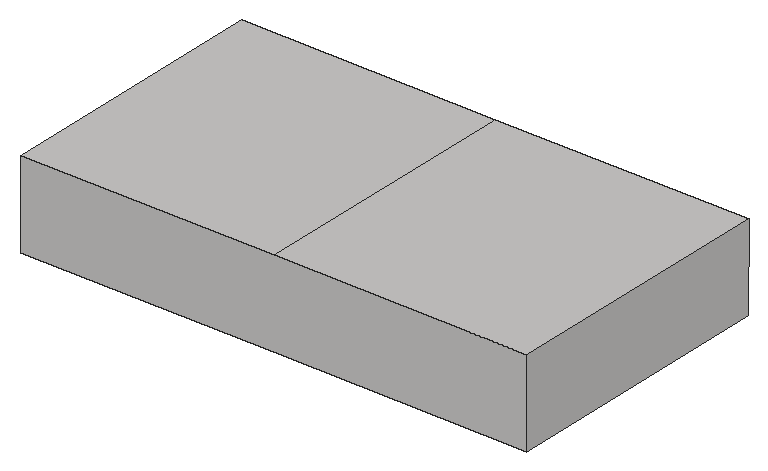
Revit family "Lighting-Control-Acclaim-UDM", category Lighting Fixtures, host Face, Revit 2015
Parameters
  Width = 0' - 5 39/64"
  Voltage = 0 V
  URL = "http://www.acclaimlighting.com/"
  Power Factor = 1
  Number of Poles = 1
  Model = "UDM"
  Manufacturer = "Acclaim Lighting"
  Length = 0' - 10 67/256"
  Lamp = "LED"
  Housing Finish = Aluminum
  Height = 0' - 1 195/256"
  Description = "Driver"
  Default Elevation = 4' - 0"
  Apparent Load = 0 VA
Reference planes (in)
  plane 1 "Center (Front/Back)": y = 0
  plane 2: z = 0
  plane 3 "Center (Left/Right)": x = 0
  plane 4: x = -5.13086
  plane 5: x = 5.13086
  plane 6: x = -2.86874
  plane 7: x = -2.08749
  plane 8: x = 2.06876
  plane 9: x = 2.85001
  plane 10: z = 3.14
  plane 11: y = 2.80469
  plane 12: y = -2.80469
  plane 13: z = 1.76172
Forms (in)
  Extrusion 1, solid, material "Housing"
    sketch origin (0, -0.15587, 0) x (-1, 0, 0) y (0, 0, 1)
      loop
        line (5.12891, 1.76172) -> (0, 1.76172) -> (-5.12891, 1.76172) -> (-5.12891, 0) -> (0, 0) -> (5.12891, 0) -> (5.12891, 1.76172)
    from -2.64882 to 2.96056
Dimensions and locks (in)
  equal spacing: plane 5, plane 3 "Center (Left/Right)", plane 4
  "Length": plane 5 to plane 4
  equal spacing: plane 11, plane 1 "Center (Front/Back)", plane 12
  "Width": plane 11 to plane 12
  "Height": host face to plane 13
  aligned and locked: plane 2 to host face
  aligned and locked: level to host face
  aligned and locked: Extrusion 1 to plane 11
  aligned and locked: plane 12 to Extrusion 1
  aligned and locked: Extrusion 1 sketch curve to plane 13
Automatic sketch dimensions
  host sketch curve to host sketch curve = 8' - 0"  (x2)
  Extrusion 1 sketch curve to level = 0' - 0"
  Extrusion 1 sketch curve to plane 3 "Center (Left/Right)" = 0' - 0"  (x2)
  Extrusion 1 sketch curve to plane 5 = 0' - 0.00195"
  plane 4 to Extrusion 1 sketch curve = 0' - 0.00195"
Connectors (in)
  electrical at (0, -2.80469, 0.88086), driven by "Number of Poles", driven by "Voltage", driven by "Apparent Load", driven by "Power Factor"
    settings: on Extrusion 1, index 1, voltage 0 V, apparent load 0 VA, apparent load phase1 0 VA, apparent load phase2 0 VA, apparent load phase3 0 VA, power factor 1, load classification "Other", number of poles 1, system type 31, power factor state 1, is connector primary yes, connector utility no, sub classification motor no, connector description "Power"
